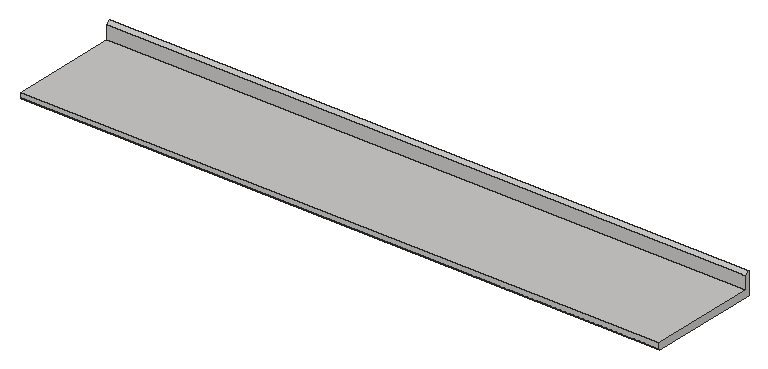
Revit family "QF_ELECTROLUXPROFESSIONAL_121178_TPLA40A", category Attrezzature speciali, Revit 2020
Family settings
  Quota connettore circolare = Usa diametro
  Tipo di parte = Normale
  Basato su piano di lavoro = No
  Sempre verticale = Sì
  Taglio con vuoti quando caricato = No
  Condiviso = No
  Punto di calcolo locali = No
Parameters (values of type "Standard")
  Weight = 126.00 kg
  Watts = 0 W
  Volts = 0 V
  URL Manufacturer = "https://www.electroluxprofessional.com/"
  URL = "https://www.electroluxprofessional.com/"
  Steam Supply Size = 0 mm
  Steam Supply Minimum Pressure = 0.0 Pa
  Steam Supply Maximum Pressure = 0.0 Pa
  Steam Consumption per Hour = 0
  Refrigeration Suction Line Size = 0.0 mm
  Refrigeration Liquid Line Size = 0.0 mm
  Refrigerant Compressor Remote = yes
  Prospetto di default = 0.0 mm
  Phase = 0
  Modello = "TPLA40A"
  Produttore = "Electrolux Professional"
  Length Actual = 4000.0 mm  # constant formula
  Item Number = "121178"
  Hot Water Size = 0 mm
  Height Actual = 140.0 mm  # constant formula
  HP = "0 HP"
  Gas Size = 0 mm
  Gas KW = 0
  Gas Input Pressure = 0 W
  Direct Waste Size = 0 mm
  Descrizione = "WORK TOP WITH UPSTAND 4000MM"
  Depth Actual = 700.0 mm  # constant formula
  Cycle = 0 Hz
  Condensate Return Size = 0 mm
  Compressed Air Volume = 0.0 L/s
  Compressed Air Size = 0 mm
  Compressed Air Pressure = 0.0 Pa
  Cold Water Size = 0 mm
  Accessory = yes
Reference planes
  plane 1 "Center (Front/Back)": y = 0
  plane 2: z = 0
  plane 3 "Center (Left/Right)": x = -1500
  plane 4 "LEFT": x = -3500
  plane 5 "RIGHT": x = 500
  plane 6 "BACK": y = 350
  plane 7 "FRONT": y = -350
  plane 8 "TOP": z = 1000
  plane 9: z = 900
  plane 10: z = 860
Forms (mm)
  Extrusion 1, solid, material "QF_Finishes_Stainless Steel"
    sketch origin (-1500, 0, 0) x (0, 1, 0) y (0, 0, 1)
      loop
        line (350, 1000) -> (330, 980) -> (330, 900) -> (-350, 900) -> (-350, 870) -> (-340, 860) -> (350, 860) -> (350, 1000)
    from 2000 to -2000
Lines and regions (mm)
  symbolic lines
    curve 1: line (500, 350, 1000) -> (-3500, 350, 1000)
    curve 2: line (-3500, 350, 1000) -> (-3500, -350, 1000)
    curve 3: line (-3500, -350, 1000) -> (500, -350, 1000)
    curve 4: line (500, -350, 1000) -> (500, 350, 1000)
    curve 5: line (-3500, 330, 1000) -> (500, 330, 1000)
Dimensions and locks
  plane 4 "LEFT" to plane 5 "RIGHT" = 4000.0 mm
  equal spacing: plane 4 "LEFT", plane 3 "Center (Left/Right)", plane 5 "RIGHT"
  plane 6 "BACK" to plane 7 "FRONT" = 700.0 mm
  equal spacing: plane 6 "BACK", plane 1 "Center (Front/Back)", plane 7 "FRONT"
  locked: plane 8 "TOP" to plane 9 at 100
  locked: plane 6 "BACK" to Extrusion 1 sketch curve at 20
  plane 10 to level = 860.0 mm
  plane 8 "TOP" to plane 10 = 140.0 mm
  aligned and locked: level to plane 2
  aligned and locked: Extrusion 1 to plane 4 "LEFT"
  aligned and locked: plane 5 "RIGHT" to Extrusion 1
  aligned and locked: curve 2 to plane 4 "LEFT"
  aligned and locked: Extrusion 1 sketch curve to plane 9
  aligned and locked: Extrusion 1 sketch curve to plane 6 "BACK"
  aligned and locked: plane 7 "FRONT" to Extrusion 1 sketch curve
  aligned and locked: plane 10 to Extrusion 1 sketch curve
Automatic sketch dimensions
  curve 3 to plane 7 "FRONT" = 0.0 mm
  curve 4 to plane 5 "RIGHT" = 0.0 mm
  curve 4 to plane 6 "BACK" = 0.0 mm
  curve 5 to plane 6 "BACK" = 20.0 mm
  Extrusion 1 sketch curve to plane 8 "TOP" = 0.0 mm
  Extrusion 1 sketch curve to plane 8 "TOP" = 20.0 mm
  plane 7 "FRONT" to Extrusion 1 sketch curve = 10.0 mm
  level to Extrusion 1 sketch curve = 870.0 mm
